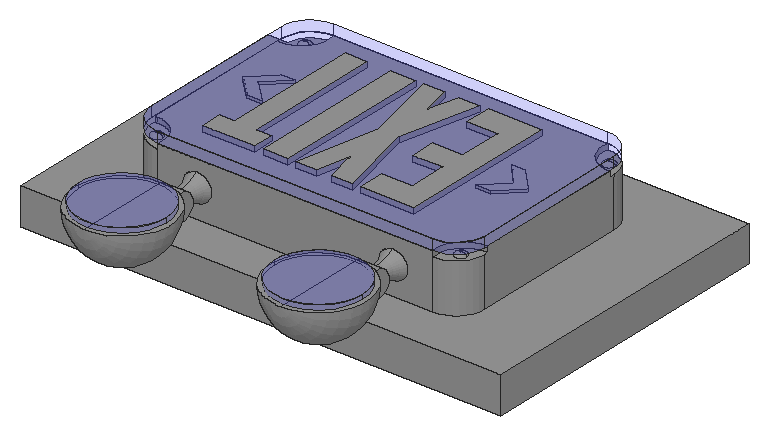
Revit family "PCHA COMBO", category Lighting Fixtures, host Face, Revit 2026
Family settings
  Host = Face
  Round Connector Dimension = Use Diameter
  Part Type = Normal
  Cut with Voids When Loaded = No
  Light Source = Yes
  Maintain Annotation Orientation = No
  Shared = No
  Room Calculation Point = No
Parameters (values of type "PCHAC-R")
  Wattage Comments = "2W"
  Wattage = 0.572229 W
  built-in parameter 1150110 = 1 (stored number, unit not read)
  Type Image = PCHAC - IMAGE.jpg
  Type Comments = "EM SIGN COMBO"
  built-in parameter 1114217 = 1 (stored number, unit not read)
  Tilt Angle = -90.00°
  built-in parameter 1150109 = 1 (stored number, unit not read)
  built-in parameter 1150134 = 5
  built-in parameter 1150113 = 1 (stored number, unit not read)
  SCREW MATERIAL = SCREWS MATERIAL
  Photometric Web File = "PCHAC-IES.ies"
  Model = "PCHAC"
  Manufacturer = "BEGHELLI"
  built-in parameter 1150105 = 6.7641 (stored number, unit not read)
  Lumens = 85 lm
  built-in parameter 1150115 = 1 (stored number, unit not read)
  built-in parameter 1150137 = (empty or 0)
  built-in parameter 1150139 = (empty or 0)
  built-in parameter 1150112 = 1 (stored number, unit not read)
  built-in parameter 1150114 = 1 (stored number, unit not read)
  Lamp = "LED"
  LETTER MATERIAL = LETTER MATERIAL GREEN
  LENS MATERIAL = LENS MATERIAL
  built-in parameter 1150132 = 2
  built-in parameter 1150102 = (empty or 0)
  built-in parameter 1150107 = 6000 (stored number, unit not read)
  built-in parameter 1150138 = (empty or 0)
  built-in parameter 1150106 = 0.067641 (stored number, unit not read)
  HOUSING MATERIAL = HOUSING MATERIAL
  FACE MATERIAL = FACE MATERIAL
  Emit from Line Length = 2' - 0"
  built-in parameter 1150104 = 13.8 (stored number, unit not read)
  Dimming Lamp Color Temperature Shift = <None>
  Description = ""
  Default Elevation = 4' - 0"
  Color Filter = 16777215
  built-in parameter 1114218 = 1 (stored number, unit not read)
  built-in parameter 1150133 = 10 (stored number, unit not read)
Types (3): name | Wattage | Tilt Angle | built-in parameter 1150134 | Photometric Web File | built-in parameter 1150105 | Lumens | built-in parameter 1150132 | built-in parameter 1150107 | built-in parameter 1150106
  (no name) | 0.572229 W | -90.00° | 5 | "PCHAC-IES.ies" | 6.7641 (stored number, unit not read) | 85 lm | 2 | 6000 (stored number, unit not read) | 0.067641 (stored number, unit not read)
  PCHAC-G | 9.2903 W | 60.00° | 3 | "generic" | 109.82 (stored number, unit not read) | 1380 lm | (empty or 0) | 3200 (stored number, unit not read) | 1.0982 (stored number, unit not read)
  PCHAC-R | 0.572229 W | -90.00° | 5 | "PCHAC-IES.ies" | 6.7641 (stored number, unit not read) | 85 lm | 2 | 6000 (stored number, unit not read) | 0.067641 (stored number, unit not read)
Reference planes (in)
  plane 1 "Center (Front/Back)": y = 0
  plane 2: z = 0
  plane 3 "Center (Left/Right)": x = 0
Forms (in)
  Extrusion 1, solid, material "HOUSING MATERIAL" <- "HOUSING MATERIAL"
    sketch origin (0, 0, 0) x (1, 0, 0) y (0, 1, 0)
      loop
        line (-9, 5.5) -> (-9, -6.11918) -> (9.09711, -6.11918) -> (9.09711, 5.5) -> (-9, 5.5)
    from 0 to -1.37091
Dimensions and locks (in)
  aligned and locked: plane 2 to Extrusion 1
  aligned and locked: level to Extrusion 1
  aligned and locked: nested 1 to Extrusion 1
Nested families (in)
  nested 1: "PCHAC" at (0, 0, -2.18608), type "PCHAC"
Definition of nested family "PCHAC"
  Parameters (values of type "PCHAC")
    SCREW MATERIAL = none
    LETTER MATERIAL = none
    LENS MATERIAL = none
    HOUSING MATERIAL = none
    FACE MATERIAL = none
    Default Elevation = 0' - 0"
  Reference planes (in)
    plane 1 "Center (Front/Back)": y = 0
    plane 2: z = 0
    plane 3 "Center (Left/Right)": x = 0
    plane 4: x = -5.5
  Dimensions and locks (in)
    aligned and locked: plane 2 to level
    aligned and locked: nested 2 to nested 5
    aligned and locked: nested 4 to nested 2
  Nested families (in)
    nested 1: "PCHAC - HOUSING" at (0, -1, 0), type "PCHAC - HOUSING"
    nested 2: "PCHAC - FACE" at (0, -0.27089, 0.85289), type "PCHAC - FACE"
    nested 3: "PCHAC - LETERS" at (-0.25, -0.27089, 1.34375), type "LETTERS"
    nested 4: "PCHAC - LAMP" at (-3.68817, -3.32946, -4.90607), type "PCHAC - LAMP"
    nested 5: "PCHAC - LAMP" at (3.68817, -3.32946, -4.90607) x (-1, 0, 0) z (0, 0, 1), type "PCHAC - LAMP"
  Definition of nested family "PCHAC - HOUSING"
    Parameters (values of type "PCHAC - HOUSING")
      SCREW MATERIAL = none
      Default Elevation = 0' - 0"
      HOUSING MATERIAL = none
    Reference planes (in)
      plane 1 "Center (Front/Back)": y = 0
      plane 2: z = 0
      plane 3 "Center (Left/Right)": x = 0
      plane 4: x = -6.25
      plane 5: x = 6.25
      plane 6: z = 8.25
    Forms (in)
      Extrusion 1, solid, material <- "HOUSING MATERIAL"
        sketch origin (0, -3.43608, 3.43608) x (1, 0, 0) y (0, 1, 0)
          loop
            arc (-5.16797, 8.25) -> (-5.93308, 7.93308) -> (-6.25, 7.16797) r 1.08203
            line (-6.25, 7.16797) -> (-6.25, 1.08203)
            arc (-6.25, 1.08203) -> (-5.93308, 0.31692) -> (-5.16797, 0) r 1.08203
            line (-5.16797, 0) -> (5.16797, 0)
            arc (5.16797, 0) -> (5.93308, 0.31692) -> (6.25, 1.08203) r 1.08203
            line (6.25, 1.08203) -> (6.25, 7.16797)
            arc (6.25, 7.16797) -> (5.93308, 7.93308) -> (5.16797, 8.25) r 1.08203
            line (5.16797, 8.25) -> (-5.16797, 8.25)
        from -1.25 to 0.79687
      Extrusion 2, void
        sketch origin (0, -3.43608, 3.43608) x (1, 0, 0) y (0, 1, 0)
          loop
            arc (-6.21225, 6.99797) -> (-5.3834, 7.36817) -> (-5.16797, 8.25) r 1.03162
            line (-5.16797, 8.25) -> (-5.16797, 8.42533) -> (-6.66797, 8.42533) -> (-6.66797, 6.99797) -> (-6.21225, 6.99797)
        from 0.5932 to 0.79687
      Extrusion 3, void
        sketch origin (0, -3.43608, 3.43608) x (-1, 0, 0) y (0, -1, 0)
          loop
            line (-6.21225, -6.99797) -> (-6.66797, -6.99797) -> (-6.66797, -8.42533) -> (-5.16797, -8.42533) -> (-5.16797, -8.25)
            arc (-5.16797, -8.25) -> (-5.3834, -7.36817) -> (-6.21225, -6.99797) r 1.03162
        from 0.5932 to 0.79687
      Extrusion 4, void
        sketch origin (0, 4.81392, 3.43608) x (-1, 0, 0) y (0, -1, 0)
          loop
            arc (-6.21225, 6.99797) -> (-5.3834, 7.36817) -> (-5.16797, 8.25) r 1.03162
            line (-5.16797, 8.25) -> (-5.16797, 8.42533) -> (-6.66797, 8.42533) -> (-6.66797, 6.99797) -> (-6.21225, 6.99797)
        from 0.5932 to 0.79687
      Extrusion 5, void
        sketch origin (0, 4.81392, 3.43608) x (1, 0, 0) y (0, 1, 0)
          loop
            line (-6.21225, -6.99797) -> (-6.66797, -6.99797) -> (-6.66797, -8.42533) -> (-5.16797, -8.42533) -> (-5.16797, -8.25)
            arc (-5.16797, -8.25) -> (-5.3834, -7.36817) -> (-6.21225, -6.99797) r 1.03162
        from 0.5932 to 0.79687
      Revolve 6, solid, material <- "SCREW MATERIAL"
        sketch origin (0, -2.80059, -0.03628) x (1, 0, 0) y (0, 0, 1)
          loop
            line (-5.93297, 4.06638) -> (-5.76608, 4.06638) -> (-5.76608, 3.99582) -> (-5.71815, 3.99582) -> (-5.71815, 4.13065) -> (-5.76125, 4.13065) -> (-5.76125, 4.16552)
            arc (-5.76125, 4.16552) -> (-5.86169, 4.14121) -> (-5.93297, 4.06638) r 0.18309
          axis (-5.71815, 4.16552) -> (-5.71815, 3.99582)
        angle from 0 to 360
      Revolve 7, solid, material <- "SCREW MATERIAL"
        sketch origin (0, -2.80059, -0.03628) x (-1, 0, 0) y (0, 0, -1)
          loop
            arc (-5.93297, -4.06638) -> (-5.86169, -4.14121) -> (-5.76125, -4.16552) r 0.18309
            line (-5.76125, -4.16552) -> (-5.76125, -4.13065) -> (-5.71815, -4.13065) -> (-5.71815, -3.99582) -> (-5.76608, -3.99582) -> (-5.76608, -4.06638) -> (-5.93297, -4.06638)
          axis (-5.71815, -4.16552) -> (-5.71815, -3.99582)
        angle from 0 to 360
      Revolve 8, solid, material <- "SCREW MATERIAL"
        sketch origin (0, 4.17844, -0.03628) x (-1, 0, 0) y (0, 0, 1)
          loop
            line (-5.93297, 4.06638) -> (-5.76608, 4.06638) -> (-5.76608, 3.99582) -> (-5.71815, 3.99582) -> (-5.71815, 4.13065) -> (-5.76125, 4.13065) -> (-5.76125, 4.16552)
            arc (-5.76125, 4.16552) -> (-5.86169, 4.14121) -> (-5.93297, 4.06638) r 0.18309
          axis (-5.71815, 4.16552) -> (-5.71815, 3.99582)
        angle from 0 to 360
      Revolve 9, solid, material <- "SCREW MATERIAL"
        sketch origin (0, 4.17844, -0.03628) x (1, 0, 0) y (0, 0, -1)
          loop
            arc (-5.93297, -4.06638) -> (-5.86169, -4.14121) -> (-5.76125, -4.16552) r 0.18309
            line (-5.76125, -4.16552) -> (-5.76125, -4.13065) -> (-5.71815, -4.13065) -> (-5.71815, -3.99582) -> (-5.76608, -3.99582) -> (-5.76608, -4.06638) -> (-5.93297, -4.06638)
          axis (-5.71815, -4.16552) -> (-5.71815, -3.99582)
        angle from 0 to 360
    Cuts and joins
      Extrusion 2, Extrusion 3, Extrusion 4, Extrusion 5 cuts Extrusion 1
    Dimensions and locks (in)
      plane 3 "Center (Left/Right)" to plane 4 = 0' - 6 1/4"
      plane 6 to level = 0' - 8 1/4"
      aligned and locked: plane 2 to level
  Definition of nested family "PCHAC - FACE"
    Parameters (values of type "PCHAC - FACE")
      FACE MATERIAL = none
      Default Elevation = 0' - 0"
    Reference planes (in)
      plane 1 "Center (Front/Back)": y = 0
      plane 2: z = 0
      plane 3 "Center (Left/Right)": x = 0
    Forms (in)
      Extrusion 1, solid, material <- "FACE MATERIAL"
        sketch origin (0, 3.08481, 2.78686) x (0, -1, 0) y (1, 0, 0)
          loop
            arc (7.25, 5.16797) -> (6.93308, 5.93308) -> (6.16797, 6.25) r 1.08203
            line (6.16797, 6.25) -> (0.08203, 6.25)
            arc (0.08203, 6.25) -> (-0.68308, 5.93308) -> (-1, 5.16797) r 1.08203
            line (-1, 5.16797) -> (-1, -5.16797)
            arc (-1, -5.16797) -> (-0.68308, -5.93308) -> (0.08203, -6.25) r 1.08203
            line (0.08203, -6.25) -> (6.16797, -6.25)
            arc (6.16797, -6.25) -> (6.93308, -5.93308) -> (7.25, -5.16797) r 1.08203
            line (7.25, -5.16797) -> (7.25, 5.16797)
        from 0.5932 to 1
      Extrusion 2, solid
        sketch origin (0, 4.58481, 2.78686) x (0, 1, 0) y (-1, 0, 0)
          loop
            line (-5.28962, -4.59941) -> (-4.52458, -5.36445) -> (-3.68909, -4.58534) -> (-3.68909, -4.08534) -> (-4.48452, -4.82709) -> (-5.28962, -4.02199) -> (-5.28962, -4.59941)
        from 0.80524 to 0.90846
      Extrusion 3, solid
        sketch origin (0, 4.58481, 2.78686) x (0, -1, 0) y (1, 0, 0)
          loop
            line (5.28962, -4.59941) -> (5.28962, -4.02199) -> (4.48452, -4.82709) -> (3.68909, -4.08534) -> (3.68909, -4.58534) -> (4.52458, -5.36445) -> (5.28962, -4.59941)
        from 0.80524 to 0.90846
    Dimensions and locks (in)
      aligned and locked: plane 2 to level
  Definition of nested family "PCHAC - LETERS"
    Parameters (values of type "LETTERS")
      LETTERS = none
      Default Elevation = 0' - 0"
    Reference planes (in)
      plane 1 "Center (Front/Back)": y = 0
      plane 2: z = 0
      plane 3 "Center (Left/Right)": x = 0
    Forms (in)
      Extrusion 1, solid, material <- "LETTERS"
        sketch origin (-0.13762, -4.61737, 1.29951) x (-1, 0, 0) y (0, -1, 0)
          loop
            line (-3.96514, -7.56159) -> (-1.96514, -7.56159) -> (-1.96514, -6.56159) -> (-3.10481, -6.56159) -> (-3.10481, -4.93659) -> (-1.96514, -4.93659) -> (-1.96514, -4.00068) -> (-3.10481, -4.00068) -> (-3.10481, -2.56159) -> (-1.96514, -2.56159) -> (-1.96514, -1.56159) -> (-3.96514, -1.56159) -> (-3.96514, -7.56159)
          loop
            line (-0.86723, -1.56159) -> (-1.64848, -1.56159) -> (-0.94531, -4.60737) -> (-1.62734, -7.56159) -> (-0.84609, -7.56159) -> (-0.58752, -6.44159) -> (-0.32895, -7.56159) -> (0.46795, -7.56159) -> (-0.21408, -4.60737) -> (0.48909, -1.56159) -> (-0.30782, -1.56159) -> (-0.58752, -2.77314) -> (-0.86723, -1.56159)
          loop
            line (0.77206, -7.56159) -> (1.6945, -7.56159) -> (1.6945, -1.56159) -> (0.77206, -1.56159) -> (0.77206, -7.56159)
          loop
            line (2.58412, -7.54816) -> (3.40545, -7.54816) -> (3.40545, -2.36181) -> (3.97644, -2.36181) -> (3.97644, -1.54816) -> (2.01313, -1.54816) -> (2.01313, -2.36181) -> (2.58412, -2.36181) -> (2.58412, -7.54816)
        from 1.8 to 2
    Dimensions and locks (in)
      aligned and locked: plane 2 to level
  Definition of nested family "PCHAC - LAMP"
    Parameters (values of type "PCHAC - LAMP")
      LENS MATERIAL = none
      Default Elevation = 0' - 0"
      HOUSING MATERIAL = none
    Reference planes (in)
      plane 1 "Center (Front/Back)": y = 0
      plane 2: z = 0
      plane 3 "Center (Left/Right)": x = 0
      plane 4: z = 13.5
    Forms (in)
      Revolve 1, solid, material <- "HOUSING MATERIAL"
        sketch origin (-0.00014, -7.06848, 9.09213) x (1, 0, 0) y (0, 1, 0)
          loop
            line (0, 13.5) -> (0, 9.87661)
            arc (0, 9.87661) -> (1.8117, 11.6883) -> (0, 13.5) r 1.8117
          axis (0, 13.5) -> (0, 9.87661)
        angle from 0 to 180
      Extrusion 2, solid, material <- "HOUSING MATERIAL"
        sketch origin (0, -7.06848, 9.28172) x (0, 0, -1) y (0, 1, 0)
          loop
            arc (1.39634, 10.3582) -> (1.09462, 10.13787) -> (0.75219, 9.98846) r 1.70676
            line (0.75219, 9.98846) -> (0.75219, 9.8582)
            arc (0.75219, 9.8582) -> (0.61502, 9.27016) -> (1.1184, 8.93666) r 0.52899
            arc (1.1184, 8.93666) -> (1.56186, 9.30559) -> (1.39634, 9.8582) r 0.52317
            line (1.39634, 9.8582) -> (1.39634, 10.3582)
          loop
            circle (1.10662, 9.46551) r 0.06295
        from -0.44169 to 0.44042
      Revolve 3, solid, material <- "HOUSING MATERIAL"
        sketch origin (0, -7.06848, 9.28172) x (0, 0, -1) y (0, 1, 0)
          loop
            arc (1.40745, 9.06467) -> (1.26854, 8.9738) -> (1.10662, 8.93727) r 0.46686
            line (1.10662, 8.93727) -> (1.10662, 8.1751) -> (1.62925, 8.1751)
            arc (1.62925, 8.1751) -> (1.43398, 8.59885) -> (1.40745, 9.06467) r 1.25177
          axis (1.10662, 9.06467) -> (1.10662, 8.1751)
        angle from 0 to 360
      Extrusion 4, solid, material <- "LENS MATERIAL"
        sketch origin (0, -7.06848, 9.28172) x (1, 0, 0) y (0, 1, 0)
          loop
            circle (-0.00014, 11.6883) r 1.66161
        from -0.18959 to 0
    Dimensions and locks (in)
      aligned and locked: plane 2 to level
